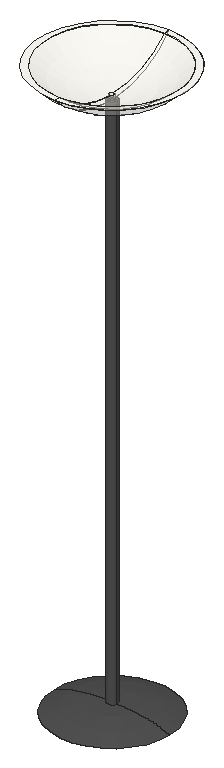
Revit family "d54b018f67f44225a1d4f4bc9f3689a4", category Lighting Fixtures, Revit 2021
Family settings
  Round Connector Dimension = Use Diameter
  Part Type = Normal
  OmniClass Number = 23.80.70.11.11
  OmniClass Title = General Luminaries, Non Directional
  Seek Item ID = Floor Lamp - Torchiere-0000-USA-ENU
  Work Plane-Based = No
  Always vertical = Yes
  Cut with Voids When Loaded = No
  Light Source = Yes
  Shared = No
  Room Calculation Point = No
Parameters (values of type "277V")
  Wattage Comments = "100"
  Wattage = 100 W
  built-in parameter 1150110 = 1 (stored number, unit not read)
  built-in parameter 1114217 = 1 (stored number, unit not read)
  built-in parameter 1150109 = 1 (stored number, unit not read)
  built-in parameter 1150134 = 3
  built-in parameter 1150113 = 1 (stored number, unit not read)
  Lumens = 1800 lm
  built-in parameter 1150115 = 1 (stored number, unit not read)
  built-in parameter 1150105 = 143.24 (stored number, unit not read)
  Load Classification = Lighting - Dwelling Unit
  Light Source Symbol Size = 2' - 0"
  built-in parameter 1150137 = 1
  built-in parameter 1150139 = (empty or 0)
  built-in parameter 1150112 = 1 (stored number, unit not read)
  built-in parameter 1150114 = 1 (stored number, unit not read)
  Lamp = "T-4"
  built-in parameter 1150132 = (empty or 0)
  built-in parameter 1150102 = (empty or 0)
  built-in parameter 1150138 = (empty or 0)
  built-in parameter 1150107 = 3200 (stored number, unit not read)
  built-in parameter 1150106 = 1.4324 (stored number, unit not read)
  Height = 5' - 0"
  built-in parameter 1150104 = 1.6723 (stored number, unit not read)
  Dimming Lamp Color Temperature Shift = <None>
  Default Elevation = 0' - 0"
  Color Filter = 16777215
  Ballast Voltage = 277 V
  Ballast Number of Poles = 1
  built-in parameter 1114218 = 1 (stored number, unit not read)
  built-in parameter 1150133 = 10 (stored number, unit not read)
  Assembly Code = "D5020230"
  Shade = Glass, Frosted
  Stand = Steel, Chrome Plated
  Apparent Load = 100 VA
Types (3): name | Ballast Voltage
  (no name) | 277 V
  120V | 120 V
  277V | 277 V
Reference planes (in)
  plane 1 "Light Source Axis": y = 0
  plane 2: z = 0
  plane 3 "Light Source Axis": x = 0
  plane 4: z = 56.82581
  plane 5: z = 60
  plane 6: z = 57.32581
  plane 7 "light source level": z = 58.82581
Forms (in)
  Revolve 1, solid, material "Steel, Chrome Plated" <- "Stand"
    sketch origin (0, 0, 0) x (0, 1, 0) y (0, 0, 1)
      loop
        line (0.25, 0) -> (6, 0)
        arc (6, 0) -> (3.30067, 0.76632) -> (0.5, 0.93921) r 13.0789
        line (0.5, 0.93921) -> (0.5, 56.82581) -> (0.25, 56.82581) -> (0.25, 0)
      axis (0, 0) -> (0, 56.82581)
    angle from -90 to 270
  Revolve 2, solid, material "Glass, Frosted" <- "Shade"
    sketch origin (0, 0, 0) x (0, 1, 0) y (0, 0, 1)
      loop
        arc (0.5, 56.82581) -> (4.30674, 57.70323) -> (7.4668, 60) r 9.78444
        line (7.4668, 60) -> (6.76831, 60)
        arc (6.76831, 60) -> (3.77277, 58.02034) -> (0.25, 57.32581) r 9.28125
        line (0.25, 57.32581) -> (0.25, 56.82581) -> (0.5, 56.82581)
      axis (0, 60) -> (0, 56.82581)
    angle from 0 to 360
Lines and regions (in)
  Masking region 1
    outline origin (0, 0, 0) x (1, 0, 0) y (0, 1, 0)
      loop
        circle (0, 0) r 7.4668
  symbolic lines
    curve 1: arc (6, 0, 0) -> (0, 6, 0) -> (-6, 0, 0) r 6
    curve 2: arc (-6, 0, 0) -> (0, -6, 0) -> (6, 0, 0) r 6
    curve 3: arc (1, 0, 0) -> (0, 1, 0) -> (-1, 0, 0) r 1
    curve 4: arc (-1, 0, 0) -> (0, -1, 0) -> (1, 0, 0) r 1
    curve 5: arc (0, 6.76831, 0) -> (-6.76831, 0, 0) -> (0, -6.76831, 0) r 6.76831
    curve 6: arc (0, -6.76831, 0) -> (6.76831, 0, 0) -> (0, 6.76831, 0) r 6.76831
Dimensions and locks (in)
  "Height": plane 5 to level
  locked: plane 4 to plane 5 at 3.17419
  locked: plane 6 to plane 5 at 2.67419
  locked: plane 7 "light source level" to plane 5 at 1.17419
  aligned and locked: level to Revolve 1 sketch curve  (x2)
  aligned and locked: Revolve 1 sketch curve to plane 1 "Light Source Axis"  (x2)
  aligned and locked: Revolve 1 sketch curve to level
  aligned and locked: Masking region 1 sketch curve to Revolve 2
  aligned and locked: curve 5 to Revolve 2
Automatic sketch dimensions
  curve 1 to plane 3 "Light Source Axis" = 0' - 6"
  curve 3 to plane 1 "Light Source Axis" = 0' - 0"
  curve 3 to plane 3 "Light Source Axis" = 0' - 0"
  curve 3 to plane 3 "Light Source Axis" = 0' - 1"
  Revolve 1 sketch curve to plane 4 = 0' - 0"
  Revolve 1 sketch curve to plane 1 "Light Source Axis" = 0' - 0 1/4"
  Revolve 1 sketch curve to Revolve 1 sketch curve = 0' - 0 1/4"
  Revolve 1 sketch curve to plane 1 "Light Source Axis" = 0' - 1.09911"
  Revolve 1 sketch curve to Revolve 1 sketch curve = 0' - 5 1/2"
  Revolve 1 sketch curve to level = 1' - 0.12596"
  Revolve 1 sketch curve to plane 5 = 0' - 11"
  Revolve 2 sketch curve to plane 1 "Light Source Axis" = 0' - 0"
  Revolve 2 sketch curve to plane 4 = 0' - 0"
  Revolve 2 sketch curve to plane 6 = 0' - 0"
  Revolve 2 sketch curve to plane 5 = 0' - 0"
  Revolve 2 sketch curve to plane 1 "Light Source Axis" = 0' - 0 1/4"
  Revolve 2 sketch curve to Revolve 2 sketch curve = 0' - 0"
  Revolve 2 sketch curve to Revolve 2 sketch curve = 0' - 0 1/4"
  Revolve 2 sketch curve to plane 1 "Light Source Axis" = 0' - 6.76831"
  Revolve 2 sketch curve to Revolve 2 sketch curve = 0' - 0.69848"
  plane 4 to Revolve 2 sketch curve = 0' - 1.82581"
  Revolve 2 sketch curve to Revolve 2 sketch curve = 0' - 0.60706"
  curve 1 to curve 5 = 0' - 0"
  curve 1 to curve 6 = 0' - 0"
